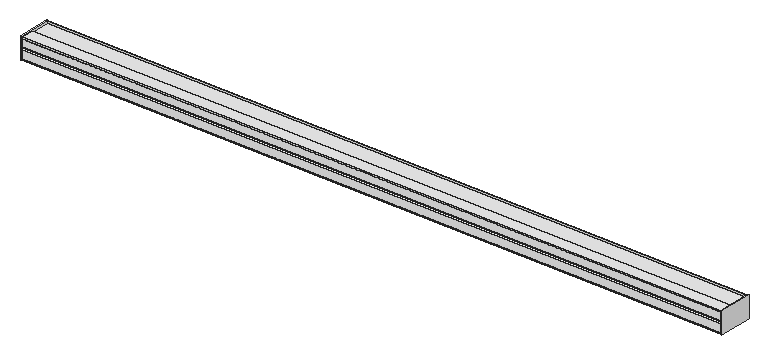
Revit family "4070764+4070747 Feilo Sylvania Lighting Fixture CURSUS 1161MM 731LM WIDE LED 3K with SINGLE WALL HOUSING", category Lighting Fixtures, host Face, Revit 2017
Family settings
  Host = Face
  Round Connector Dimension = Use Diameter
  Part Type = Normal
  OmniClass Number = 23.80.70.14
  OmniClass Title = Luminaries for External Lighting
  Cut with Voids When Loaded = Yes
  Light Source = Yes
  Shared = Yes
  Room Calculation Point = No
Parameters (values of type "4070764 CURSUS 1161MM 731LM WIDE LED 3K")
  Width_FEILO = 35 mm
  Weight = "2.2 kg"
  Wattage Comments = "n/a"
  Wattage = 18 W
  WarrantyStartDate [instance] = "n/a"
  WarrantyGuarantorParts = "n/a"
  WarrantyDurationUnit = "n/a"
  WarrantyDurationParts = "n/a"
  WarrantyDescription = "n/a"
  WallThickness_FEILO = 2.5 mm
  built-in parameter 1150110 = 1 (stored number, unit not read)
  Voltage = 230 V
  URL = "http://www.sylvania-lighting.com"
  TypeName = "CURSUS 1161MM 731LM WIDE LED 3K"
  Type Image = <None>
  Type Comments = "n/a"
  built-in parameter 1114217 = 1 (stored number, unit not read)
  Tilt Angle = -90.00°
  built-in parameter 1150109 = 1 (stored number, unit not read)
  built-in parameter 1150134 = (empty or 0)
  built-in parameter 1150113 = 1 (stored number, unit not read)
  SerialNumber [instance] = "n/a"
  ReflectorMaterial = none
  PowerFactor = 0
  PowerConsumption = "18 W"
  Photometric Web File = "4070764.ies"
  NominalLength = 1161 mm
  NominalHeight = 50 mm
  NominalDepth = 30 mm
  Name = "CURSUS 1161MM 731LM WIDE LED 3K"
  ModelReference = Name  # "CURSUS 1161MM 731LM WIDE LED 3K"
  ModelNumber = "4070764"
  Model = Name  # "CURSUS 1161MM 731LM WIDE LED 3K"
  Material = "natural anodised extruded aluminium structure housing"
  ManufacturerName = "Feilo Sylvania"
  Manufacturer = "Feilo Sylvania"
  LuminousEfficacy = "40.61 lm/W"
  built-in parameter 1150105 = 403.47 (stored number, unit not read)
  Lumens = 731 lm
  LuminaireType = ""
  built-in parameter 1150115 = 1 (stored number, unit not read)
  LightOutputRatio = "100"
  built-in parameter 1150137 = (empty or 0)
  built-in parameter 1150139 = (empty or 0)
  Length_FEILO = 1167 mm
  LampsType = Lamp  # "LED"
  LampNominalLuminous = "731 lm"
  LampMacAdamStep = "n/a"
  LampColourTemperature = "3000 K"
  LampColourRenderingIndex = "80"
  built-in parameter 1150112 = 1 (stored number, unit not read)
  built-in parameter 1150114 = 1 (stored number, unit not read)
  Lamp = "LED"
  Keynote = "16500"
  InstallationDate [instance] = "n/a"
  InputVoltage = "220-240V~"
  InputNominalFrequency = "n/a"
  built-in parameter 1150132 = (empty or 0)
  built-in parameter 1150102 = (empty or 0)
  built-in parameter 1150107 = 3000 (stored number, unit not read)
  built-in parameter 1150138 = (empty or 0)
  IngressProtection = "IP67"
  ImpactProtectionIndex = "IK07"
  built-in parameter 1150106 = 4.0347 (stored number, unit not read)
  IfcExportType = "IfcLightFixtureType"
  IfcExportAs = "IfcLightFixtureType"
  ExpectedLife = 50000
  EndCapRight [instance] = yes
  EndCapLeft [instance] = yes
  Emit from Rectangle Width = Width_FEILO - WallThickness_FEILO * 2  # 30 mm
  Emit from Rectangle Length = Length_FEILO - WallThickness_FEILO * 2  # 1162 mm
  Emit Shape Visible in Rendering = no
  ElectricShockClassification = "Class III"
  built-in parameter 1150104 = 3.7729 (stored number, unit not read)
  DurationUnit = "hours"
  DocumentationLiterature = "http://www.sylvania-lighting.com/product/en-int/products/4070764"
  DimmingControlOptions = "n/a"
  Dimming Lamp Color Temperature Shift = <None>
  DiffuserMaterial = Diffuser-Sylvania-Glow
  Description = "LED Exterior Lighting Recessed Surface Mounted Linear Fixture, Natural anodised extruded aluminium structure. Die-cast aluminium end caps. Installation kit with harmonic steel springs., 731 lm, 18W, 40lm/W, 3000K, CRI80+,non dimmable,IP67, IK07, (HxWxD) 1161x50x30mm, 3 step Mac Adam Ellipse, 2.2kg,, Classe III, 21-25V-DC, energy class : A++, A+, A"
  Default Elevation = 1219.2 mm
  CreatedOn = "1/8/2018"
  CreatedBy = ""
  Cost = 0
  Color Filter = 16777215
  built-in parameter 1114216 [instance] = (empty or 0)
  ClassificationValue = "EF_70_80"
  ClassificationName = "Uniclass2015"
  BodyMaterial = Body-Sylvania-Gray
  BarCode [instance] = "n/a"
  built-in parameter 1114218 = 1 (stored number, unit not read)
  built-in parameter 1150133 = 10 (stored number, unit not read)
  AssetType = "Fixed"
  AssetIdentifier [instance] = "n/a"
  Assembly Code = "D5020200"
  Apparent Load = 18 VA
  AccessoryMaterial = Diffuser-Sylvania-Glow
Reference planes
  plane 1 "Center (Front/Back)": y = 0
  plane 2: z = 0
  plane 3 "Center (Left/Right)": x = 0
  plane 4: x = 583.5
  plane 5: x = -583.5
  plane 6: x = -581
  plane 7: x = 581
  plane 8: z = 35
  plane 9: z = 17.5
  plane 10: z = 32.5
  plane 11: z = 2.5
  plane 12: z = 30
  plane 13: z = 5
  plane 14: y = -55
  plane 15: y = -53
  plane 16: y = -2.5
  plane 17: y = -37
  plane 18: y = -34.5
Forms (mm)
  Extrusion 1, solid, material "Body-Sylvania-Gray" <- "BodyMaterial"
    sketch origin (0, 0, 0) x (0, 1, 0) y (0, 0, 1)
      loop
        line (0, 35) -> (-2.5, 35) -> (-2.5, 32.5) -> (-34.5, 32.5) -> (-34.5, 35) -> (-55, 35) -> (-55, 32.5) -> (-37, 32.5) -> (-37, 30) -> (-2.5, 30) -> (-2.5, 5) -> (-37, 5) -> (-37, 2.5) -> (-55, 2.5) -> (-55, 0) -> (-34.5, 0) -> (-34.5, 2.5) -> (-2.5, 2.5) -> (-2.5, 0) -> (0, 0) -> (0, 35)
    from -581 to 581
  Extrusion 2, solid, material "Diffuser-Sylvania-Glow" <- "DiffuserMaterial"
    sketch origin (0, 0, 0) x (0, 1, 0) y (0, 0, 1)
      loop
        line (-37, 32.5) -> (-55, 32.5) -> (-55, 19.5) -> (-53, 17.5) -> (-55, 15.5) -> (-55, 2.5) -> (-37, 2.5) -> (-37, 32.5)
    from -581 to 581
  Extrusion 3, solid, material "Body-Sylvania-Gray" <- "BodyMaterial", visible <- "EndCapRight"
    sketch origin (581, 1524, 1219.2) x (0, 1, 0) y (0, 0, 1)
      loop
        line (-1579, -1184.2) -> (-1579, -1219.2) -> (-1524, -1219.2) -> (-1524, -1184.2) -> (-1579, -1184.2)
    from 0 to 2.5
  Extrusion 4, solid, material "Body-Sylvania-Gray" <- "BodyMaterial", visible <- "EndCapLeft"
    sketch origin (-581, 1524, 1219.2) x (0, 1, 0) y (0, 0, 1)
      loop
        line (-1579, -1184.2) -> (-1579, -1219.2) -> (-1524, -1219.2) -> (-1524, -1184.2) -> (-1579, -1184.2)
    from -2.5 to 0
Dimensions and locks
  equal spacing: plane 5, plane 3 "Center (Left/Right)", plane 4
  "Length_FEILO": plane 5 to plane 4
  equal spacing: plane 6, plane 3 "Center (Left/Right)", plane 7
  "WallThickness_FEILO": plane 5 to plane 6
  locked: plane 9 to plane 2 at 17.5
  locked: plane 8 to plane 2 at 35
  equal spacing: plane 11, plane 9, plane 10
  equal spacing: plane 13, plane 9, plane 12
  "WallThickness_FEILO": plane 12 to plane 10
  locked: plane 14 to plane 15 at 2
  locked: plane 14 to plane 17 at 18
  "WallThickness_FEILO": plane 17 to plane 18
  "WallThickness_FEILO": plane 16 to plane 1 "Center (Front/Back)"
  locked: plane 15 to Extrusion 2 sketch curve (angle 45.00°)
  locked: Extrusion 2 sketch curve to plane 15 (angle 45.00°)
  aligned and locked: plane 2 to host face
  aligned and locked: level to host face
  aligned and locked: plane 1 "Center (Front/Back)" to Extrusion 1 sketch curve
  aligned and locked: Extrusion 1 sketch curve to plane 8  (x2)
  aligned and locked: plane 16 to Extrusion 1 sketch curve
  aligned and locked: host face to Extrusion 1 sketch curve
  aligned and locked: Extrusion 1 sketch curve to plane 16  (x2)
  aligned and locked: Extrusion 1 sketch curve to plane 11
  aligned and locked: plane 18 to Extrusion 1 sketch curve
  aligned and locked: level to Extrusion 1 sketch curve
  aligned and locked: plane 11 to Extrusion 1 sketch curve
  aligned and locked: Extrusion 1 sketch curve to plane 17
  aligned and locked: plane 13 to Extrusion 1 sketch curve
  aligned and locked: Extrusion 1 sketch curve to plane 12
  aligned and locked: plane 10 to Extrusion 1 sketch curve  (x2)
  aligned and locked: plane 17 to Extrusion 1 sketch curve  (x2)
  aligned and locked: plane 12 to Extrusion 1 sketch curve
  aligned and locked: Extrusion 1 sketch curve to plane 10
  aligned and locked: Extrusion 1 sketch curve to plane 18
  aligned and locked: plane 7 to Extrusion 1
  aligned and locked: Extrusion 1 to plane 6
  aligned and locked: Extrusion 2 sketch curve to Extrusion 1  (x4)
  aligned and locked: Extrusion 1 to Extrusion 2 sketch curve
  aligned and locked: plane 9 to Extrusion 2 sketch curve
  aligned and locked: plane 7 to Extrusion 2
  aligned and locked: Extrusion 2 to plane 6
  aligned and locked: Extrusion 3 sketch curve to Extrusion 1  (x4)
  aligned and locked: plane 4 to Extrusion 3
  aligned and locked: Extrusion 3 to plane 7
  aligned and locked: Extrusion 4 sketch curve to Extrusion 3  (x3)
  aligned and locked: Extrusion 4 sketch curve to Extrusion 1
  aligned and locked: Extrusion 4 to plane 5
  aligned and locked: plane 6 to Extrusion 4
  aligned and locked: plane 14 to imposter light
  aligned and locked: imposter light to plane 9
  aligned and locked: plane 3 "Center (Left/Right)" to imposter light
Automatic sketch dimensions
  host sketch curve to host sketch curve = 2438.4 mm  (x2)
  Extrusion 1 sketch curve to plane 14 = 0 mm  (x2)
  Extrusion 2 sketch curve to plane 15 = 0 mm
Connectors
  electrical at (0, 0, 0), driven by "Apparent Load", driven by "PowerFactor", driven by "Voltage"
    settings: index 1, voltage 230 V, apparent load 18 VA, apparent load phase1 0 VA, apparent load phase2 0 VA, apparent load phase3 0 VA, power factor 0, load classification "Lighting", number of poles 1, system type 30, power factor state 1, is connector primary yes, connector utility no, sub classification motor no, connector description ""
